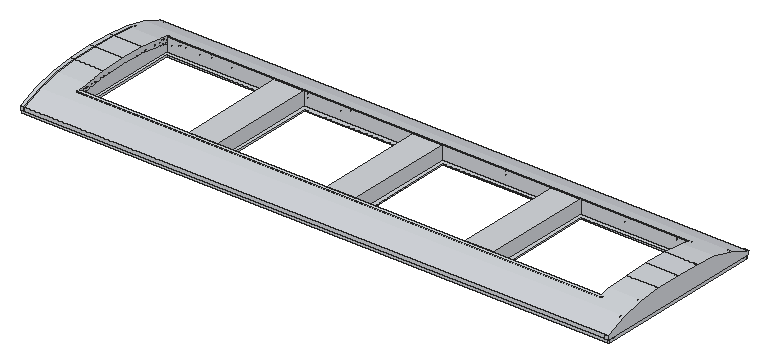
Revit family "Gira_0214808", category Electrical Fixtures, host Face, Revit 2017
Family settings
  Host = Face
  Maintain Annotation Orientation = No
  Round Connector Dimension = Use Diameter
  Part Type = Normal
  Cut with Voids When Loaded = No
  Shared = No
  Room Calculation Point = No
Parameters (values of type "Abdeckrahmen 4f Zwischenr. AN Gira Event Reinweiß")
  Werkstoffgüte = "Thermoplast"
  Werkstoff = "Kunststoff"
  URL = "http://katalog.gira.de/de_DE/datenblatt.html?artikelnr=0214808"
  Transparent = "No"
  Textfeld/Beschriftungsfläche = "No"
  Schutzart (IP) = "IP20"
  Region = "DE"
  Oberfläche = "sonstige"
  Name = "Abdeckrahmen 4f Zwischenr. AN Gira Event Reinweiß"
  Montagerichtung = "horizontal und vertikal"
  Mit Montagerahmen = "No"
  Mit Klappdeckel = "No"
  Manufacturer URL = "https://www.gira.de/"
  Keynote = "Event_Rahmen_4fach"
  HeinzeBIM = "https://bimportal.heinze.de/bim/abdeckrahmen-4f-zwischenr-an-gira-event-reinweiss/fc975ef7b4d19d5ce2009d122c327048e2629f8f"
  Halogenfrei = "Yes"
  HAN = "0214808"
  Geeignet für Unterputz-Installation = "No"
  Geeignet für Unterflurkanaldose = "No"
  Geeignet für Geräteeinbaukanal = "No"
  Geeignet für Einbauinstallation = "No"
  GTIN = "4010337070146"
  Farbe = "weiß"
  Default Elevation = 1219.2 mm
  Data sheet (1) = "https://katalog.gira.de/de_DE/download.html?artikelnr=0214808"
  Category = "Abdeckrahmen"
  Befestigungsart = "Klemmbefestigung"
  Available = "Yes"
  Anzahl der Einheiten vertikal = "4 "
  Anzahl der Einheiten horizontal = "4 "
  Anzahl der Einheiten = "4 "
Reference planes
  plane 1 "Center (Front/Back)": y = 0
  plane 2: z = 0
  plane 3 "Center (Left/Right)": x = 0
Forms (mm)
  Extrusion 1, solid, detail levels fine
    sketch origin (0, 0, 0.05) x (0, 1, 0) y (0, 0, 1)
      loop
        arc (12.445, 9.683) -> (6.223, 9.833) -> (0, 9.85) r 291.636
        arc (0, 9.85) -> (-6.223, 9.833) -> (-12.445, 9.683) r 291.636
        arc (-12.445, 9.683) -> (-29.14, 7.482) -> (-45, 1.823) r 79.728
        line (-45, 1.823) -> (-45, -0.05) -> (-42.086, -0.05)
        arc (-42.086, -0.05) -> (-21.385, 5.559) -> (0, 7.206) r 114.424
        arc (0, 7.206) -> (21.385, 5.559) -> (42.086, -0.05) r 114.424
        line (42.086, -0.05) -> (45, -0.05) -> (45, 1.823)
        arc (45, 1.823) -> (29.14, 7.482) -> (12.445, 9.683) r 79.728
    from -151.95 to 151.935
  Extrusion 2, void, detail levels fine
    sketch origin (0, 0, 0) x (1, 0, 0) y (0, 1, 0)
      loop
        line (134.95, 28.035) -> (-134.95, 28.035) -> (-134.95, -28.035) -> (134.95, -28.035) -> (134.95, 28.035)
    from 0.724 to 11
  Extrusion 3, solid, detail levels coarse
    sketch origin (0, 0, 0) x (1, 0, 0) y (0, 1, 0)
      loop
        line (-151.95, 45) -> (-151.95, -45) -> (151.935, -45) -> (151.935, 45) -> (-151.95, 45)
    from -1.5 to 9.9
  Extrusion 4, solid, detail levels medium
    sketch origin (0, 0, 0.05) x (0, 1, 0) y (0, 0, 1)
      loop
        arc (12.445, 9.683) -> (6.223, 9.833) -> (0, 9.85) r 291.636
        arc (0, 9.85) -> (-6.223, 9.833) -> (-12.445, 9.683) r 291.636
        arc (-12.445, 9.683) -> (-29.14, 7.482) -> (-45, 1.823) r 79.728
        line (-45, 1.823) -> (-45, -0.05) -> (45, -0.05) -> (45, 1.823)
        arc (45, 1.823) -> (29.14, 7.482) -> (12.445, 9.683) r 79.728
    from -151.95 to 151.935
  Extrusion 5, solid, detail levels fine
    sketch origin (-106.95, 0, -1.5) x (0, 1, 0) y (0, 0, -1)
      loop
        line (45, -3.373) -> (45, -1.5) -> (-45, -1.5) -> (-45, -3.373)
        arc (-45, -3.373) -> (-29.14, -9.032) -> (-12.445, -11.233) r 79.728
        arc (-12.445, -11.233) -> (-6.223, -11.383) -> (0, -11.4) r 291.636
        arc (0, -11.4) -> (6.223, -11.383) -> (12.445, -11.233) r 291.636
        arc (12.445, -11.233) -> (29.14, -9.032) -> (45, -3.373) r 79.728
    from 43 to 45
  Extrusion 6, solid, detail levels fine
    sketch origin (0, 0, 0) x (1, 0, 0) y (0, 1, 0)
      loop
        line (-132.85, 25.7) -> (-132.85, -25.7) -> (-81.05, -25.7) -> (-81.05, 25.7) -> (-132.85, 25.7)
      loop
        line (-9.755, -25.7) -> (-9.755, 25.7) -> (-61.555, 25.7) -> (-61.555, -25.7) -> (-9.755, -25.7)
      loop
        line (-135.845, 28.49) -> (-135.845, -28.495)
        spline (-135.845, -28.495) -> (-135.836, -28.625) -> (-135.811, -28.754) -> (-135.769, -28.878) -> (-135.711, -28.995) -> (-135.638, -29.104) -> (-135.552, -29.202) -> (-135.454, -29.288) -> (-135.345, -29.361) -> (-135.228, -29.419) -> (-135.104, -29.461) -> (-134.975, -29.486) -> (-134.845, -29.495)
        line (-134.845, -29.495) -> (134.845, -29.495)
        spline (134.845, -29.495) -> (134.975, -29.486) -> (135.104, -29.461) -> (135.228, -29.419) -> (135.345, -29.361) -> (135.454, -29.288) -> (135.552, -29.202) -> (135.638, -29.104) -> (135.711, -28.995) -> (135.769, -28.878) -> (135.811, -28.754) -> (135.836, -28.625) -> (135.845, -28.495)
        line (135.845, -28.495) -> (135.845, 28.49)
        spline (135.845, 28.49) -> (135.836, 28.62) -> (135.811, 28.748) -> (135.769, 28.872) -> (135.711, 28.99) -> (135.638, 29.098) -> (135.552, 29.197) -> (135.454, 29.283) -> (135.345, 29.356) -> (135.228, 29.413) -> (135.104, 29.456) -> (134.975, 29.481) -> (134.845, 29.49)
        line (134.845, 29.49) -> (-134.845, 29.49)
        spline (-134.845, 29.49) -> (-134.975, 29.481) -> (-135.104, 29.456) -> (-135.228, 29.413) -> (-135.345, 29.356) -> (-135.454, 29.283) -> (-135.552, 29.197) -> (-135.638, 29.098) -> (-135.711, 28.99) -> (-135.769, 28.872) -> (-135.811, 28.748) -> (-135.836, 28.62) -> (-135.845, 28.49)
      loop
        line (61.545, -25.7) -> (61.545, 25.7) -> (9.745, 25.7) -> (9.745, -25.7) -> (61.545, -25.7)
      loop
        line (132.85, -25.7) -> (132.85, 25.7) -> (81.05, 25.7) -> (81.05, -25.7) -> (132.85, -25.7)
    from 0.1 to 7.3
  Extrusion 7, solid
    sketch origin (0, 0, 0) x (1, 0, 0) y (0, 1, 0)
      loop
        arc (-151.65, -44.218) -> (-151.504, -44.572) -> (-151.15, -44.718) r 0.5
        line (-151.15, -44.718) -> (151.15, -44.718)
        arc (151.15, -44.718) -> (151.504, -44.572) -> (151.65, -44.218) r 0.5
        line (151.65, -44.218) -> (151.65, 44.182)
        arc (151.65, 44.182) -> (151.504, 44.535) -> (151.15, 44.682) r 0.5
        line (151.15, 44.682) -> (-151.15, 44.682)
        arc (-151.15, 44.682) -> (-151.504, 44.535) -> (-151.65, 44.182) r 0.5
        line (-151.65, 44.182) -> (-151.65, -44.218)
      loop
        line (-149.95, 42.982) -> (-149.95, -43.018) -> (149.95, -43.018) -> (149.95, 42.982) -> (-149.95, 42.982)
    from -1.5 to 0.5
  Extrusion 8, solid, detail levels fine
    sketch origin (106.935, 0, -1.5) x (0, 1, 0) y (0, 0, 1)
      loop
        arc (45, 3.373) -> (29.14, 9.032) -> (12.445, 11.233) r 79.728
        arc (12.445, 11.233) -> (6.223, 11.383) -> (0, 11.4) r 291.636
        arc (0, 11.4) -> (-6.223, 11.383) -> (-12.445, 11.233) r 291.636
        arc (-12.445, 11.233) -> (-29.14, 9.032) -> (-45, 3.373) r 79.728
        line (-45, 3.373) -> (-45, 1.5) -> (45, 1.5) -> (45, 3.373)
    from 43 to 45
  Extrusion 9, solid, detail levels medium
    sketch origin (0, 0, 0) x (1, 0, 0) y (0, 1, 0)
      loop
        line (-151.65, -44.718) -> (151.65, -44.718) -> (151.65, 44.682) -> (-151.65, 44.682) -> (-151.65, -44.718)
    from -1.5 to 0.5
  Extrusion 10, solid, detail levels fine
    sketch origin (-69.857, 0, 0) x (1, 0, 0) y (0, 1, 0)
      loop
        line (-8.943, 28.063) -> (-8.943, -27.937) -> (6.057, -27.937) -> (6.057, 28.063) -> (-8.943, 28.063)
    from 0.724 to 7.566
  Extrusion 11, solid, detail levels fine
    sketch origin (-1.443, 0, 0) x (-1, 0, 0) y (0, -1, 0)
      loop
        line (-8.943, -28.063) -> (6.057, -28.063) -> (6.057, 27.937) -> (-8.943, 27.937) -> (-8.943, -28.063)
    from 0.724 to 7.566
  Extrusion 12, solid, detail levels fine
    sketch origin (69.857, 0, 0) x (-1, 0, 0) y (0, -1, 0)
      loop
        line (-8.943, -28.063) -> (6.057, -28.063) -> (6.057, 27.937) -> (-8.943, 27.937) -> (-8.943, -28.063)
    from 0.724 to 7.566
Cuts and joins
  Extrusion 2 cuts Extrusion 1
  Extrusion 2 cuts Extrusion 6
Dimensions and locks
  aligned and locked: plane 2 to host face
  aligned and locked: level to host face
